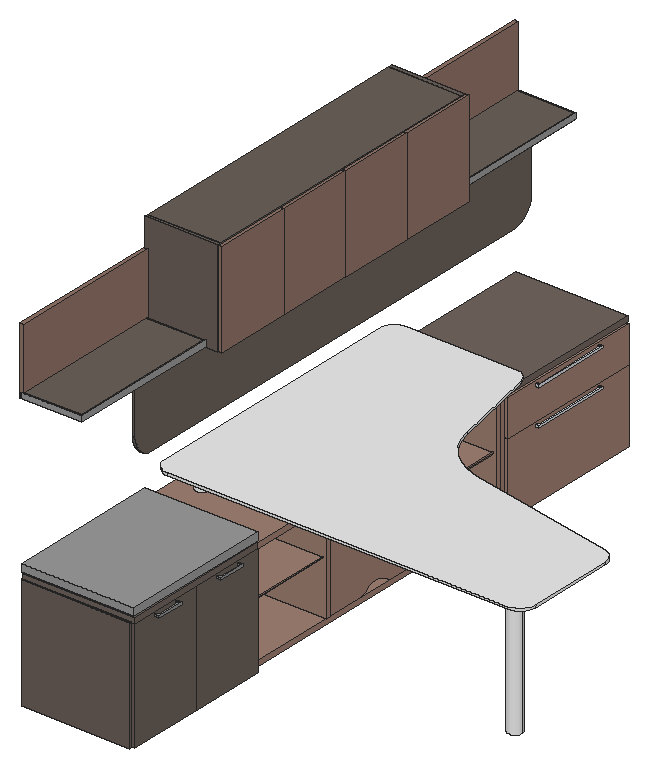
Revit family "T100103", category Furniture, Revit 2022 (continued)
Definition of nested family "OFS STAKS HEIGHT ADJUSTABLE SWEEP TOP DESK 74x60 Top 22D Cabinet"
  Definition of nested family "H4H"
    Automatic sketch dimensions
      Extrusion 2 sketch curve to plane 15 = 0"
      Extrusion 2 sketch curve to plane 14 = 0"
      Extrusion 2 sketch curve to plane 8 = 0"
      Extrusion 3 sketch curve to plane 9 = 0"
      Extrusion 3 sketch curve to plane 13 = 0"
      Extrusion 3 sketch curve to plane 14 = 0"
      Extrusion 3 sketch curve to plane 8 = 0"
      Extrusion 4 sketch curve to plane 13 = 0"
      Extrusion 4 sketch curve to plane 14 = 0"
      Extrusion 4 sketch curve to plane 11 = 0"
      plane 10 to Extrusion 4 sketch curve = 0"
      Extrusion 5 sketch curve to plane 11 = 0"
      Extrusion 5 sketch curve to plane 12 = 0"
      Extrusion 5 sketch curve to plane 15 = 0"
      Extrusion 5 sketch curve to plane 8 = 0"
      Revolve 6 sketch curve to plane 6 = 0"
      Revolve 6 sketch curve to level = 0"
      level to Revolve 6 sketch curve = 0.28743"
      Revolve 6 sketch curve to plane 13 = 1.02953"
      Revolve 6 sketch curve to Revolve 6 sketch curve = 1/2"  (x2)
      Revolve 6 sketch curve to Revolve 6 sketch curve = 0"  (x3)
      Revolve 6 sketch curve to plane 7 = 1/4"
      Revolve 6 sketch curve to level = 1/2"
      Revolve 7 sketch curve to plane 6 = 0"
      Revolve 7 sketch curve to level = 0"
      level to Revolve 7 sketch curve = 0.28743"
      plane 14 to Revolve 7 sketch curve = 1.02953"
      Revolve 7 sketch curve to Revolve 7 sketch curve = 1/2"  (x2)
      Revolve 7 sketch curve to Revolve 7 sketch curve = 0"  (x2)
      Revolve 7 sketch curve to level = 1/2"
      Revolve 7 sketch curve to Revolve 7 sketch curve = 0.14371"
      Revolve 7 sketch curve to plane 7 = 1/4"
      Extrusion 8 sketch curve to plane 13 = 0"
      Extrusion 8 sketch curve to plane 9 = 0"
      Extrusion 8 sketch curve to plane 10 = 0"
      plane 14 to Extrusion 8 sketch curve = 0"
Definition of nested family "OFS STAKS Rectangular Worksurface 22 Depth Long Grain"
  Parameters (values of type "Rectangular Worksurface 15.625" Width")
    URL = "https://ofs.com/"
    Height = 1"
    Depth = 22"
    Model = "6-MCT-15.625/22"
    Manufacturer = "OFS"
    Description = "OFS STAKS Rectangular Worksurface 15.625\" Width Long Grain"
    Width = 15 5/8"
    Default Elevation = 0"
    Copyright © = "© OFS 2022"
    Catalog = "https://ofs.com/products/workspaces/private-office/staks"
    Authoring Version = "Autodesk Revit Architecture 2015"
    Assembly Code = "E2020200"
  Types (26): name | Height | Depth | Model | Description | Width
    Rectangular Worksurface 15.625" Width | 1" | 22" | "6-MCT-15.625/22" | "OFS STAKS Rectangular Worksurface 15.625\" Width Long Grain" | 15 5/8"
    Rectangular Worksurface 48" Width | 0" | 22" | "6-MCT-48/22" | "OFS STAKS Rectangular Worksurface 48\" Width Long Grain" | 48"
    Rectangular Worksurface 66" Width | 0" | 22" | "6-MCT-66/22" | "OFS STAKS Rectangular Worksurface 66\" Width Long Grain" | 66"
    Rectangular Worksurface 54" Width | 0" | 22" | "6-MCT-54/22" | "OFS STAKS Rectangular Worksurface 54\" Width Long Grain" | 54"
    Rectangular Worksurface 70.5" Width | 0" | 22" | "6-MCT-70.5/22" | "OFS STAKS Rectangular Worksurface 70.5\" Width Long Grain" | 70 1/2"
    Rectangular Worksurface 48.5" Width | 0" | 16 1/2" | "6-MCT-48.5/22" | "OFS STAKS Rectangular Worksurface 48.5\" Width Long Grain" | 48 1/2"
    Rectangular Worksurface 69.625" Width | 0" | 22" | "6-MCT-69.625/22" | "OFS STAKS Rectangular Worksurface 69.625\" Width Long Grain" | 69 5/8"
    Rectangular Worksurface 24" Width | 0" | 22" | "6-MCT-24/22" | "OFS STAKS Rectangular Worksurface 24\" Width Long Grain" | 24"
    Rectangular Worksurface 30" Width | 0" | 22" | "6-MCT-30/22" | "OFS STAKS Rectangular Worksurface 30\" Width Long Grain" | 30"
    Rectangular Worksurface 34" Width | 0" | 22" | "6-MCT-34/22" | "OFS STAKS Rectangular Worksurface 34\" Width Long Grain" | 34"
    Rectangular Worksurface 55.5" Width | 0" | 22" | "6-MCT-55.5/22" | "OFS STAKS Rectangular Worksurface 55.5\" Width Long Grain" | 55 1/2"
    Rectangular Worksurface 72" Width | 0" | 22" | "6-MCT-72/22" | "OFS STAKS Rectangular Worksurface 72\" Width Long Grain" | 72"
    Rectangular Worksurface 82.5" Width | 0" | 22" | "6-MCT-82.5/22" | "OFS STAKS Rectangular Worksurface 82.5\" Width Long Grain" | 82 1/2"
    Rectangular Worksurface 36" Width | 0" | 22" | "6-MCT-36/22" | "OFS STAKS Rectangular Worksurface 36\" Width Long Grain" | 36"
    Rectangular Worksurface 59" Width | 0" | 22" | "6-MCT-59/22" | "OFS STAKS Rectangular Worksurface 59\" Width Long Grain" | 59"
    Rectangular Worksurface 74" Width | 0" | 22" | "6-MCT-74/22" | "OFS STAKS Rectangular Worksurface 74\" Width Long Grain" | 74"
    Rectangular Worksurface 84" Width | 0" | 22" | "6-MCT-84/22" | "OFS STAKS Rectangular Worksurface 84\" Width Long Grain" | 84"
    Rectangular Worksurface 42" Width | 0" | 22" | "6-MCT-42/22" | "OFS STAKS Rectangular Worksurface 42\" Width Long Grain" | 42"
    Rectangular Worksurface 60" Width | 0" | 22" | "6-MCT-60/22" | "OFS STAKS Rectangular Worksurface 60\" Width Long Grain" | 60"
    Rectangular Worksurface 78" Width | 0" | 22" | "6-MCT-78/22" | "OFS STAKS Rectangular Worksurface 78\" Width Long Grain" | 78"
    Rectangular Worksurface 87.625" Width | 0" | 22" | "6-MCT-87.625/22" | "OFS STAKS Rectangular Worksurface 87.625\" Width Long Grain" | 87 5/8"
    Rectangular Worksurface 90" Width | 0" | 22" | "6-MCT-90/22" | "OFS STAKS Rectangular Worksurface 90\" Width Long Grain" | 90"
    Rectangular Worksurface 94" Width | 0" | 22" | "6-MCT-94/22" | "OFS STAKS Rectangular Worksurface 94\" Width Long Grain" | 94"
    Rectangular Worksurface 96" Width | 0" | 22" | "6-MCT-96/22" | "OFS STAKS Rectangular Worksurface 96\" Width Long Grain" | 96"
    Rectangular Worksurface 64" Width | 0" | 22" | "6-MCT-64/22" | "OFS STAKS Rectangular Worksurface 66\" Width Long Grain" | 64"
    Rectangular Worksurface 46" Width | 0" | 22" | "6-MCT-46/22" | "OFS STAKS Rectangular Worksurface 48\" Width Long Grain" | 46"
  Reference planes (in)
    plane 1: z = -0.125
    plane 2 "LEFT": x = 7.55498
    plane 3 "RIGHT": x = 23.17998
    plane 4 "BACK": y = -1.83365
    plane 5 "FRONT": y = -23.83365
    plane 6: x = 7.67998
    plane 7: x = 23.05498
    plane 8: y = -1.95865
    plane 9: y = -23.70865
    plane 10: z = 27.875
    plane 11 "SURFACE TOP": z = 28.875
  Forms (in)
    Extrusion 1, solid
      sketch origin (0, 0, 17.125) x (-1, 0, 0) y (0, -1, 0)
        loop
          line (-7.67998, 1.95865) -> (-7.67998, 23.70865) -> (-23.05498, 23.70865) -> (-23.05498, 1.95865) -> (-7.67998, 1.95865)
      from 11.75 to 10.75
  Lines and regions (in)
    Masking region 1
      outline origin (0, 0, 16.625) x (-1, 0, 0) y (0, -1, 0)
        loop
          line (-7.67998, 1.95865) -> (-7.55498, 1.83365) -> (-7.55498, 23.83365) -> (-7.67998, 23.70865) -> (-7.67998, 1.95865)
    Masking region 2
      outline origin (0, 0, 16.625) x (-1, 0, 0) y (0, -1, 0)
        loop
          line (-7.55498, 1.83365) -> (-7.67998, 1.95865) -> (-23.05498, 1.95865) -> (-23.17998, 1.83365) -> (-7.55498, 1.83365)
    Masking region 3
      outline origin (0, 0, 16.625) x (-1, 0, 0) y (0, -1, 0)
        loop
          line (-23.17998, 1.83365) -> (-23.05498, 1.95865) -> (-23.05498, 23.70865) -> (-23.17998, 23.83365) -> (-23.17998, 1.83365)
    Masking region 4
      outline origin (0, 0, 16.625) x (-1, 0, 0) y (0, -1, 0)
        loop
          line (-23.17998, 23.83365) -> (-23.05498, 23.70865) -> (-7.67998, 23.70865) -> (-7.55498, 23.83365) -> (-23.17998, 23.83365)
    Masking region 5
      outline origin (0, 0, 16.625) x (-1, 0, 0) y (0, -1, 0)
        loop
          line (-23.05498, 23.70865) -> (-23.05498, 1.95865) -> (-7.67998, 1.95865) -> (-7.67998, 23.70865) -> (-23.05498, 23.70865)
  Dimensions and locks (in)
    "Depth": plane 4 "BACK" to plane 5 "FRONT"
    "Width": plane 2 "LEFT" to plane 3 "RIGHT"
    locked: plane 4 "BACK" to plane 8 at 0.125
    locked: plane 2 "LEFT" to plane 6 at 0.125
    locked: plane 7 to plane 3 "RIGHT" at 0.125
    locked: plane 9 to plane 5 "FRONT" at 0.125
    plane 11 "SURFACE TOP" to plane 10 = 1"  (x2)
    aligned: level to plane 1
    aligned and locked: plane 8 to Extrusion 1 sketch curve
    aligned and locked: Extrusion 1 sketch curve to plane 6
    aligned and locked: Extrusion 1 sketch curve to plane 9
    aligned and locked: plane 7 to Extrusion 1 sketch curve
    aligned and locked: plane 11 "SURFACE TOP" to Extrusion 1
    aligned and locked: Extrusion 1 to plane 10
  Automatic sketch dimensions
    Masking region 1 sketch curve to plane 6 = 0"
    Masking region 1 sketch curve to plane 2 "LEFT" = 0"
    Masking region 1 sketch curve to plane 4 "BACK" = 0"
    Masking region 1 sketch curve to plane 8 = 0"
    Masking region 1 sketch curve to plane 9 = 0"
    Masking region 1 sketch curve to plane 5 "FRONT" = 0"
    Masking region 2 sketch curve to plane 3 "RIGHT" = 0"
    Masking region 2 sketch curve to plane 7 = 0"
    Masking region 2 sketch curve to plane 6 = 0"
    Masking region 2 sketch curve to plane 2 "LEFT" = 0"
    Masking region 2 sketch curve to plane 4 "BACK" = 0"
    Masking region 2 sketch curve to plane 8 = 0"
    Masking region 3 sketch curve to plane 3 "RIGHT" = 0"
    Masking region 3 sketch curve to plane 7 = 0"
    Masking region 3 sketch curve to plane 4 "BACK" = 0"
    Masking region 3 sketch curve to plane 8 = 0"
    Masking region 3 sketch curve to plane 9 = 0"
    Masking region 3 sketch curve to plane 5 "FRONT" = 0"
    Masking region 4 sketch curve to plane 3 "RIGHT" = 0"
    Masking region 4 sketch curve to plane 7 = 0"
    Masking region 4 sketch curve to plane 6 = 0"
    Masking region 4 sketch curve to plane 2 "LEFT" = 0"
    Masking region 4 sketch curve to plane 9 = 0"
    Masking region 4 sketch curve to plane 5 "FRONT" = 0"
    Masking region 5 sketch curve to plane 7 = 0"
    Masking region 5 sketch curve to plane 6 = 0"
    Masking region 5 sketch curve to plane 8 = 0"
    Masking region 5 sketch curve to plane 9 = 0"
Definition of nested family "STAKS LOW HEIGHT DOOR CABINET - NO RISER SUPPORT"
  Parameters (values of type "STAKS LOW HEIGHT DOOR CABINET - NO RISER SUPPORT 30 x 22")
    URL = "http://www.ofs.com/"
    Riser Support = 0"
    Model = "6-NL3022MPD4"
    Manufacturer = "OFS"
    Height = 21 7/8"
    Drawer Material = none
    Drawer Handle Width = 5 7/16"
    Drawer Handle Material = none
    Description = "OFS BRANDS FIRST OFFICE STAKS LOW HEIGHT DOOR CABINET - NO RISER SUPPORT 30\" W x 22\" D, One Adjustable Shelf & One Stationary Shelf, Use with 22\"D Worksurfaces"
    Width = 30"
    Depth = 21 7/8"
    Default Elevation = 0"
    DH2 = 6 1/2"
    DH1 = 14 3/8"
    Copyright © = "© 2018 OFS"
    Chasis Material = none
    Catalog = "https://ofs.com/products/casegoods/private-office/staks"
    Board Thickness = 3/4"
    Authoring Version = "Autodesk Revit Architecture 2013"
    Assembly Code = "E2020200"
  Types (6): name | Model | Description | Width | Depth
    STAKS LOW HEIGHT DOOR CABINET - NO RISER SUPPORT 24 x 19 | "6-NL2419MPD4" | "OFS BRANDS FIRST OFFICE STAKS LOW HEIGHT DOOR CABINET - NO RISER SUPPORT 24\" W x 19\" D, One Adjustable Shelf & One Stationary Shelf, Use with 22\"D Worksurfaces" | 24" | 19 3/8"
    STAKS LOW HEIGHT DOOR CABINET - NO RISER SUPPORT 24 x 22 | "6-NL2422MPD4" | "OFS BRANDS FIRST OFFICE STAKS LOW HEIGHT DOOR CABINET - NO RISER SUPPORT 24\" W x 22\" D, One Adjustable Shelf & One Stationary Shelf, Use with 22\"D Worksurfaces" | 24" | 21 7/8"
    STAKS LOW HEIGHT DOOR CABINET - NO RISER SUPPORT 30 x 22 | "6-NL3022MPD4" | "OFS BRANDS FIRST OFFICE STAKS LOW HEIGHT DOOR CABINET - NO RISER SUPPORT 30\" W x 22\" D, One Adjustable Shelf & One Stationary Shelf, Use with 22\"D Worksurfaces" | 30" | 21 7/8"
    STAKS LOW HEIGHT DOOR CABINET - NO RISER SUPPORT 30 x 19 | "6-NL3019MPD4" | "OFS BRANDS FIRST OFFICE STAKS LOW HEIGHT DOOR CABINET - NO RISER SUPPORT 30\" W x 19\" D, One Adjustable Shelf & One Stationary Shelf, Use with 22\"D Worksurfaces" | 30" | 19 3/8"
    STAKS LOW HEIGHT DOOR CABINET - NO RISER SUPPORT 36 x 19 | "6-NL3619MPD4" | "OFS BRANDS FIRST OFFICE STAKS LOW HEIGHT DOOR CABINET - NO RISER SUPPORT 36\" W x 19\" D, One Adjustable Shelf & One Stationary Shelf, Use with 22\"D Worksurfaces" | 36" | 19 3/8"
    STAKS LOW HEIGHT DOOR CABINET - NO RISER SUPPORT 36 x 22 | "6-NL3622MPD4" | "OFS BRANDS FIRST OFFICE STAKS LOW HEIGHT DOOR CABINET - NO RISER SUPPORT 36\" W x 22\" D, One Adjustable Shelf & One Stationary Shelf, Use with 22\"D Worksurfaces" | 36" | 21 7/8"
  Reference planes (in)
    plane 1: z = 0
    plane 2 "Right": x = 20.97711
    plane 3: z = 21.875
    plane 4: z = 14.375
    plane 5: z = 14.25
    plane 6: z = 0
    plane 7: z = 14
    plane 8: z = 21.625
    plane 9: z = 13.531
    plane 10: z = 21.15625
    plane 11: x = 5.97711
    plane 12: y = -1.12465
    plane 13: y = -1.87465
    plane 14: x = 6.03961
    plane 15: x = 35.91411
    plane 16: x = 6.72711
    plane 17: y = 20.00035
    plane 18: x = 35.97711
    plane 19: x = 35.22711
    plane 20: y = -2.68715
    plane 21: y = -2.87465
    plane 22: z = 20.875
    plane 23: z = 20.75
    plane 24: z = 20.5
    plane 25: z = 20.031
    plane 26: z = 0.25
    plane 27: y = 19.25035
    plane 28: z = 0.75
    plane 29: y = 16.75035
    plane 30: y = 1.87535
    plane 31: y = 5.87535
    plane 32: y = 12.75035
    plane 33: y = 2.50035
    plane 34: y = 13.37535
    plane 35: z = 22
    plane 36: x = 21.35211
    plane 37: x = 20.60211
    plane 38: x = 21.04011
    plane 39: x = 20.91461
    plane 40: x = 13.47711
    plane 41: x = 16.19586
    plane 42: x = 10.75836
    plane 43: x = 11.13336
    plane 44: x = 15.82086
    plane 45: x = 28.47711
    plane 46: x = 25.75836
    plane 47: x = 31.19586
    plane 48: x = 30.82086
    plane 49: x = 26.13336
  Forms (in)
    Extrusion 1, solid, material <- "Chasis Material"
      sketch origin (-3, -1.24965, 0) x (1, 0, 0) y (0, 0, 1)
        loop
          line (8.97711, 0) -> (9.72711, 0) -> (9.72711, 21.875) -> (8.97711, 21.875) -> (8.97711, 0)
      from -21.25 to -0.125
    Extrusion 2, solid, material <- "Chasis Material"
      sketch origin (19.35211, 31.02324, 0) x (0, 1, 0) y (0, 0, 1)
        loop
          line (-11.77289, 0) -> (-11.02289, 0) -> (-11.02289, 21.875) -> (-11.77289, 21.875) -> (-11.77289, 0)
      from -12.625 to 15.875
    Extrusion 3, solid, material <- "Chasis Material"
      sketch origin (0, 0, 0) x (1, 0, 0) y (0, 1, 0)
        loop
          line (35.97711, 20.00035) -> (35.22711, 20.00035) -> (35.22711, -1.12465) -> (35.97711, -1.12465) -> (35.97711, 20.00035)
      from 0 to 21.875
    Extrusion 4, solid, material <- "Drawer Material"
      sketch origin (20.35211, 2.25, 0.06985) x (0, 1, 0) y (0, 0, 1)
        loop
          line (-4.12465, 21.80515) -> (-4.12465, 0.18015) -> (-3.37465, 0.18015) -> (-3.37465, 21.80515) -> (-4.12465, 21.80515)
      from -14.3125 to 0.5625
    Extrusion 5, solid, material <- "Drawer Handle Material"
      sketch origin (9, 0, 28.42137) x (1, 0, 0) y (0, 1, 0)
        loop
          line (1.75836, -1.87465) -> (1.75836, -2.87465) -> (7.19586, -2.87465) -> (7.19586, -1.87465) -> (6.82086, -1.87465) -> (6.82086, -2.68715) -> (2.13336, -2.68715) -> (2.13336, -1.87465) -> (1.75836, -1.87465)
      from -7.26512 to -6.79637
    Extrusion 6, solid, material <- "Chasis Material"
      sketch origin (-29.79592, -7.12465, 7.24693) x (1, 0, 0) y (0, 0, 1)
        loop
          line (36.52304, 13.90932) -> (65.02304, 13.90932) -> (65.02304, 14.62807) -> (36.52304, 14.62807) -> (36.52304, 13.90932)
      from -26.375 to -6
    Extrusion 7, solid, material <- "Chasis Material"
      sketch origin (-31.5409, -1.62465, -42.72261) x (1, 0, 0) y (0, 0, 1)
        loop
          line (38.26801, 42.72261) -> (66.76801, 42.72261) -> (66.76801, 43.47261) -> (38.26801, 43.47261) -> (38.26801, 42.72261)
      from -20.875 to -0.5
    Extrusion 8, solid
      sketch origin (0, 0, 0) x (1, 0, 0) y (0, 1, 0)
        loop
          line (35.91411, 20.00035) -> (35.22711, 20.00035) -> (35.22711, -1.12465) -> (35.91411, -1.12465) -> (35.91411, 20.00035)
        loop
          line (6.03961, 20.00035) -> (6.03961, -1.12465) -> (6.72711, -1.12465) -> (6.72711, 20.00035) -> (6.03961, 20.00035)
      from 21.875 to 22
    Extrusion 9, solid, material <- "Drawer Material"
      sketch origin (21.60211, 2.25, 0.06985) x (0, 1, 0) y (0, 0, -1)
        loop
          line (-4.12465, -21.80515) -> (-3.37465, -21.80515) -> (-3.37465, -0.18015) -> (-4.12465, -0.18015) -> (-4.12465, -21.80515)
      from -14.312 to 0.562
    Extrusion 10, solid, material <- "Drawer Handle Material"
      sketch origin (32.95422, 0, 28.42137) x (-1, 0, 0) y (0, -1, 0)
        loop
          line (1.75836, 1.87465) -> (2.13336, 1.87465) -> (2.13336, 2.68715) -> (6.82086, 2.68715) -> (6.82086, 1.87465) -> (7.19586, 1.87465) -> (7.19586, 2.87465) -> (1.75836, 2.87465) -> (1.75836, 1.87465)
      from -7.26512 to -6.79637
  Dimensions and locks (in)
    "Board Thickness": plane 13 to plane 12
    locked: plane 11 to plane 14 at 0.0625
    "Board Thickness": plane 11 to plane 16
    locked: plane 15 to plane 18 at 0.063
    "Width": plane 11 to plane 18
    Extrusion 3 sketch curve to plane 18 = 3/4"
    "Board Thickness": plane 19 to plane 18
    equal spacing: plane 11, plane 2 "Right", plane 18
    plane 21 to plane 20 to plane 13 = 3/16" locked, 13/16" locked
    "Riser Support": plane 6 to level
    "Height": plane 3 to plane 6
    "DH1": plane 4 to plane 6
    "DH2": plane 22 to plane 4
    locked: plane 26 to plane 6 at 0.25
    "Board Thickness": plane 27 to plane 17
    "Depth": plane 13 to plane 17
    plane 4 to plane 5 to plane 7 to plane 9 = 1/8" locked, 1/4" locked, 0.469" locked
    plane 22 to plane 23 to plane 24 to plane 25 = 1/8" locked, 1/4" locked, 0.469" locked
    plane 3 to plane 8 to plane 10 = 1/4" locked, 15/32" locked
    "Board Thickness": plane 28 to plane 6
    plane 12 to plane 30 to plane 31 = 3" locked, 4" locked
    plane 32 to plane 29 to plane 27 = 4" locked, 2 1/2" locked
    locked: plane 30 to plane 33 at 0.625
    locked: plane 32 to plane 34 at 0.625
    locked: plane 35 to plane 3 at 0.125
    equal spacing: plane 37, plane 2 "Right", plane 36
    "Board Thickness": plane 37 to plane 36
    plane 38 to plane 2 "Right" to plane 39 = 0.063", 1/16" locked
    equal spacing: plane 14, plane 40, plane 39
    "Drawer Handle Width": plane 42 to plane 41
    locked: plane 42 to plane 43 at 0.375
    locked: plane 44 to plane 41 at 0.375
    equal spacing: plane 15, plane 45, plane 38
    "Drawer Handle Width": plane 47 to plane 46
    locked: plane 47 to plane 48 at 0.375
    locked: plane 49 to plane 46 at 0.375
    equal spacing: plane 42, plane 40, plane 41
    equal spacing: plane 46, plane 45, plane 47
    aligned and locked: level to plane 1
    aligned and locked: plane 12 to Extrusion 1
    aligned and locked: Extrusion 1 to plane 17
    aligned and locked: Extrusion 2 to plane 16
    aligned and locked: plane 16 to Extrusion 1
    aligned and locked: Extrusion 1 to plane 11
    aligned and locked: Extrusion 2 to plane 17
    aligned and locked: plane 19 to Extrusion 2
    aligned and locked: plane 3 to Extrusion 1
    aligned and locked: plane 3 to Extrusion 2
    aligned and locked: plane 3 to Extrusion 4
    aligned and locked: Extrusion 5 to plane 10
    aligned and locked: plane 8 to Extrusion 5
    aligned and locked: Extrusion 3 to plane 19
    aligned and locked: Extrusion 4 to plane 14
    aligned and locked: plane 3 to Extrusion 3
    aligned and locked: Extrusion 3 to plane 6
    aligned and locked: plane 3 to Extrusion 6
    aligned and locked: Extrusion 6 to plane 10
    aligned and locked: plane 28 to Extrusion 7
    aligned and locked: Extrusion 7 to plane 6
    aligned and locked: Extrusion 7 to plane 27
    aligned and locked: plane 12 to Extrusion 7
    aligned and locked: plane 19 to Extrusion 7
    aligned and locked: Extrusion 7 to plane 16
    aligned and locked: Extrusion 8 to plane 3
    aligned and locked: plane 35 to Extrusion 8
    aligned and locked: Extrusion 4 to plane 26
    aligned and locked: Extrusion 4 to plane 39
    aligned and locked: plane 15 to Extrusion 9
    aligned and locked: Extrusion 9 to plane 26
    aligned and locked: Extrusion 9 to plane 38
    aligned and locked: plane 3 to Extrusion 9
    aligned and locked: Extrusion 5 to plane 42
    aligned and locked: plane 43 to Extrusion 5
    aligned and locked: plane 44 to Extrusion 5
    aligned and locked: Extrusion 5 to plane 41
    aligned and locked: Extrusion 10 to plane 46
    aligned and locked: plane 49 to Extrusion 10
    aligned and locked: plane 48 to Extrusion 10
    aligned and locked: Extrusion 10 to plane 47
    aligned and locked: Extrusion 10 to plane 20
    aligned and locked: plane 21 to Extrusion 10
    aligned and locked: plane 8 to Extrusion 10
    aligned and locked: Extrusion 10 to plane 10
    aligned and locked: Extrusion 2 to plane 6
    aligned and locked: Extrusion 1 to plane 6
    aligned and locked: Extrusion 8 sketch curve to plane 12  (x2)
    aligned and locked: plane 12 to Extrusion 6
    aligned and locked: Extrusion 6 to plane 27
  Automatic sketch dimensions
    level to Extrusion 1 sketch curve = 0"
    Extrusion 1 sketch curve to plane 11 = 0"
    Extrusion 1 sketch curve to plane 3 = 0"
    Extrusion 1 sketch curve to plane 16 = 0"
    level to Extrusion 2 sketch curve = 0"
    Extrusion 2 sketch curve to plane 3 = 0"
    Extrusion 2 sketch curve to plane 17 = 0"
    plane 27 to Extrusion 2 sketch curve = 0"
    plane 12 to Extrusion 3 sketch curve = 0"
    Extrusion 3 sketch curve to plane 18 = 0"
    plane 17 to Extrusion 3 sketch curve = 0"
    Extrusion 4 sketch curve to plane 3 = 0"
    Extrusion 4 sketch curve to plane 13 = 0"
    Extrusion 4 sketch curve to plane 12 = 0"
    Extrusion 4 sketch curve to plane 26 = 0"
    plane 13 to Extrusion 5 sketch curve = 0"  (x2)
    Extrusion 5 sketch curve to plane 42 = 0"
    Extrusion 5 sketch curve to plane 43 = 0"
    plane 20 to Extrusion 5 sketch curve = 0"
    Extrusion 5 sketch curve to plane 44 = 0"
    Extrusion 5 sketch curve to plane 41 = 0"
    plane 21 to Extrusion 5 sketch curve = 0"
    Extrusion 6 sketch curve to plane 10 = 0"
    Extrusion 6 sketch curve to plane 16 = 0"
    Extrusion 6 sketch curve to plane 3 = 0"
    Extrusion 6 sketch curve to plane 19 = 0"
    level to Extrusion 7 sketch curve = 0"
    Extrusion 7 sketch curve to plane 16 = 0"
    Extrusion 7 sketch curve to plane 19 = 0"
    Extrusion 7 sketch curve to plane 28 = 0"
    Extrusion 8 sketch curve to plane 14 = 0"
    Extrusion 8 sketch curve to plane 16 = 0"
    plane 17 to Extrusion 8 sketch curve = 0"  (x2)
    Extrusion 8 sketch curve to plane 15 = 0"
    Extrusion 9 sketch curve to plane 3 = 0"
    Extrusion 9 sketch curve to plane 13 = 0"
    Extrusion 9 sketch curve to plane 12 = 0"
    Extrusion 9 sketch curve to plane 26 = 0"
    plane 13 to Extrusion 10 sketch curve = 0"  (x2)
    Extrusion 10 sketch curve to plane 47 = 0"
    Extrusion 10 sketch curve to plane 48 = 0"
    plane 20 to Extrusion 10 sketch curve = 0"
    Extrusion 10 sketch curve to plane 49 = 0"
    Extrusion 10 sketch curve to plane 46 = 0"
    plane 21 to Extrusion 10 sketch curve = 0"
    Extrusion 8 sketch curve to plane 19 = 0"
Definition of nested family "OFS STAKS File Pedestal No Riser Support 30 Width"
  Parameters (values of type "Low Height Tray/File Pedestal No Riser Support 21.125" Depth")
    URL = "https://ofs.com/"
    Height = 21 7/8"
    Finish Material = none
    Depth = 21 1/8"
    Model = "6-NL3022MPD8"
    Manufacturer = "OFS"
    Description = "OFS STAKS Low Height Tray/File Pedestal No Riser Support 21.125\" Depth 30 Width"
    Width = 30"
    Default Elevation = 0"
    Copyright © = "© OFS 2022"
    Catalog = "https://ofs.com/products/workspaces/private-office/staks"
    Authoring Version = "Autodesk Revit Architecture 2015"
    Assembly Code = "E2020200"
  Types (3): name | Height | Depth | Model | Description
    Low Height Tray/File Pedestal No Riser Support 16.375" Depth | 21.55503" | 16 3/8" | "6-NL2417MPD8" | "OFS STAKS Low Height Tray/File Pedestal No Riser Support 16.375\" Depth 30 Width"
    Low Height Tray/File Pedestal No Riser Support 19.375" Depth | 21 7/8" | 19 3/8" | "6-NL3019MPD8" | "OFS STAKS Low Height Tray/File Pedestal No Riser Support 19.375\" Depth 30 Width"
    Low Height Tray/File Pedestal No Riser Support 21.125" Depth | 21 7/8" | 21 1/8" | "6-NL3022MPD8" | "OFS STAKS Low Height Tray/File Pedestal No Riser Support 21.125\" Depth 30 Width"
  Reference planes (in)
    plane 1: z = -0.125
    plane 2 "LEFT": x = 5.30673
    plane 3 "BACK": y = -1.83365
    plane 4 "FRONT": y = -22.95865
    plane 5: z = 21.75
    plane 6: x = 4.55673
    plane 7: y = -2.58365
    plane 8: y = -22.20865
    plane 9: y = -23.70865
    plane 10: x = 33.80673
    plane 11: z = 14.39873
    plane 12: z = 14.30498
    plane 13: z = 0.375
    plane 14: x = 19.55673
    plane 15: x = 34.55673
    plane 16: x = 11.80498
    plane 17: z = 14.05498
    plane 18: y = -10.52115
    plane 19: x = 27.30848
  Forms (in)
    Extrusion 1, solid, material <- "Finish Material"
      sketch origin (0, 0, 28.875) x (0, 1, 0) y (-1, 0, 0)
        loop
          line (-1.83365, -5.30673) -> (-1.83365, -4.55673) -> (-22.20865, -4.55673) -> (-22.20865, -5.30673) -> (-1.83365, -5.30673)
      from -7.125 to -28.5
    Extrusion 2, solid, material <- "Finish Material"
      sketch origin (39.10996, 0, 28.875) x (0, 1, 0) y (-1, 0, 0)
        loop
          line (-1.83365, 4.55323) -> (-1.83365, 5.30323) -> (-22.20865, 5.30323) -> (-22.20865, 4.55323) -> (-1.83365, 4.55323)
      from -7.44497 to -29
    Extrusion 3, solid, material <- "Finish Material"
      sketch origin (25.88863, -9.15367, 28.875) x (1, 0, 0) y (0, 1, 0)
        loop
          line (8.6681, -13.80498) -> (8.6681, -13.05498) -> (-20.5819, -13.05498) -> (-20.5819, -13.80498) -> (8.6681, -13.80498)
      from -7.125 to -14.47627
    Extrusion 4, solid
      sketch origin (0, 0, 21.0313) x (0, 1, 0) y (-1, 0, 0)
        loop
          line (-23.70865, -11.80498) -> (-23.70865, -27.30848) -> (-22.95865, -27.30848) -> (-22.95865, -26.92998) -> (-23.52115, -26.92998) -> (-23.52115, -12.17998) -> (-22.95865, -12.17998) -> (-22.95865, -11.80498) -> (-23.70865, -11.80498)
      from 0.14878 to -0.31997
    Extrusion 5, solid
      sketch origin (0, 0, 14.05498) x (0, 1, 0) y (-1, 0, 0)
        loop
          line (-23.70865, -11.80498) -> (-23.70865, -27.30848) -> (-22.95865, -27.30848) -> (-22.95865, -26.92998) -> (-23.52115, -26.92998) -> (-23.52115, -12.17998) -> (-22.95865, -12.17998) -> (-22.95865, -11.80498) -> (-23.70865, -11.80498)
      from 0 to -0.46875
    Extrusion 6, solid, material <- "Finish Material"
      sketch origin (25.88863, -9.15367, 21.75508) x (1, 0, 0) y (0, 1, 0)
        loop
          line (8.6681, -13.80498) -> (8.6681, -13.05498) -> (-20.5819, -13.05498) -> (-20.5819, -13.80498) -> (8.6681, -13.80498)
      from -7.4501 to -21.70005
    Extrusion 7, solid
      sketch origin (0, 0, 28.875) x (0, 1, 0) y (-1, 0, 0)
        loop
          line (-2.58365, -4.55673) -> (-6.58365, -4.55673) -> (-6.58365, -33.80673) -> (-2.58365, -33.80673) -> (-2.58365, -4.55673)
      from -27.75 to -28.5
    Extrusion 8, solid, material <- "Finish Material"
      sketch origin (0, 0, 7.93003) x (0, 1, 0) y (-1, 0, 0)
        loop
          line (-2.58365, -4.55673) -> (-22.20865, -4.55673) -> (-22.20865, -33.80673) -> (-2.58365, -33.80673) -> (-2.58365, -4.55673)
      from 13.10127 to 13.5
    Extrusion 9, solid
      sketch origin (0, -21.13606, 28.875) x (0, -1, 0) y (1, 0, 0)
        loop
          line (1.0726, 4.55673) -> (1.0726, 33.80673) -> (-2.9274, 33.80673) -> (-2.9274, 4.55673) -> (1.0726, 4.55673)
      from -27.75 to -28.5
  Dimensions and locks (in)
    "Height": plane 5 to level
    "Depth": plane 3 "BACK" to plane 4 "FRONT"
    plane 3 "BACK" to plane 18 to plane 4 "FRONT" = 8 11/16", 12 7/16"
    locked: plane 3 "BACK" to plane 7 at 0.75
    locked: plane 4 "FRONT" to plane 8 at 0.75
    locked: plane 10 to plane 15 at 0.75
    plane 16 to plane 14 = 7.75175"
    plane 4 "FRONT" to plane 9 = 3/4"
    locked: plane 5 to Extrusion 8 at 0.7187
    locked: plane 6 to plane 2 "LEFT" at 0.75
    locked: plane 7 to Extrusion 7 at 4
    locked: plane 8 to Extrusion 9 at 4
    equal spacing: plane 6, plane 14, plane 15
    "Width": plane 6 to plane 15
    aligned: level to plane 1
    aligned and locked: plane 16 to Extrusion 4  (x2)
    aligned and locked: plane 16 to Extrusion 5
    aligned and locked: plane 5 to Extrusion 1
    aligned and locked: Extrusion 1 to plane 5
    aligned and locked: plane 3 "BACK" to Extrusion 1
    aligned and locked: Extrusion 3 to Extrusion 1
    aligned and locked: Extrusion 2 to Extrusion 3
    aligned and locked: Extrusion 1 to Extrusion 3
    aligned and locked: Extrusion 2 to Extrusion 6
    aligned and locked: Extrusion 6 to Extrusion 1
    aligned and locked: plane 17 to Extrusion 5
    aligned and locked: plane 12 to Extrusion 6
    aligned and locked: Extrusion 3 to plane 11
    aligned and locked: plane 4 "FRONT" to Extrusion 3
    aligned and locked: Extrusion 1 to plane 2 "LEFT"
    aligned and locked: Extrusion 1 to plane 6
    aligned and locked: Extrusion 2 to plane 10
    aligned and locked: plane 4 "FRONT" to Extrusion 5  (x2)
    aligned and locked: plane 9 to Extrusion 5
    aligned and locked: plane 4 "FRONT" to Extrusion 4  (x2)
    aligned and locked: plane 9 to Extrusion 4  (x2)
    aligned and locked: plane 8 to Extrusion 1
    aligned and locked: plane 8 to Extrusion 2
    aligned and locked: Extrusion 7 sketch curve to plane 6
    aligned and locked: Extrusion 7 sketch curve to plane 10
    aligned and locked: Extrusion 7 to plane 13
    aligned and locked: Extrusion 7 to Extrusion 2
    aligned and locked: plane 6 to Extrusion 7
    aligned and locked: Extrusion 2 to plane 15
    aligned and locked: plane 5 to Extrusion 3
    aligned and locked: plane 19 to Extrusion 4
    aligned and locked: plane 6 to Extrusion 8  (x4)
    aligned and locked: plane 2 "LEFT" to Extrusion 1  (x2)
    aligned and locked: plane 6 to Extrusion 1
    aligned and locked: Extrusion 9 to Extrusion 1
  Automatic sketch dimensions
    Extrusion 1 sketch curve to plane 2 "LEFT" = 0"
    plane 8 to Extrusion 1 sketch curve = 0"
    Extrusion 1 sketch curve to plane 3 "BACK" = 0"
    Extrusion 1 sketch curve to plane 6 = 0"
    plane 8 to Extrusion 2 sketch curve = 0"
    Extrusion 2 sketch curve to plane 3 "BACK" = 0"
    Extrusion 2 sketch curve to plane 10 = 0"
    Extrusion 2 sketch curve to plane 15 = 0"
    Extrusion 3 sketch curve to plane 2 "LEFT" = 0"
    Extrusion 3 sketch curve to plane 4 "FRONT" = 0"
    Extrusion 3 sketch curve to plane 15 = 0"
    plane 8 to Extrusion 3 sketch curve = 0"
    plane 9 to Extrusion 4 sketch curve = 0"
    Extrusion 4 sketch curve to plane 4 "FRONT" = 0"  (x2)
    Extrusion 4 sketch curve to plane 19 = 0"
    Extrusion 4 sketch curve to plane 16 = 0"
    Extrusion 4 sketch curve to plane 9 = 3/16"
    Extrusion 4 sketch curve to plane 19 = 0.3785"
    Extrusion 4 sketch curve to plane 16 = 3/8"
    plane 9 to Extrusion 5 sketch curve = 0"
    Extrusion 5 sketch curve to plane 4 "FRONT" = 0"  (x2)
    Extrusion 5 sketch curve to plane 19 = 0"
    Extrusion 5 sketch curve to plane 16 = 0"
    Extrusion 5 sketch curve to plane 9 = 3/16"
    Extrusion 5 sketch curve to plane 19 = 0.3785"
    Extrusion 5 sketch curve to plane 16 = 3/8"
    Extrusion 6 sketch curve to plane 2 "LEFT" = 0"
    Extrusion 6 sketch curve to plane 4 "FRONT" = 0"
    Extrusion 6 sketch curve to plane 15 = 0"
    plane 8 to Extrusion 6 sketch curve = 0"
    Extrusion 7 sketch curve to plane 7 = 0"
    Extrusion 7 sketch curve to plane 18 = 3 15/16"
    Extrusion 8 sketch curve to plane 6 = 0"
    plane 8 to Extrusion 8 sketch curve = 0"
    Extrusion 8 sketch curve to plane 7 = 0"
    Extrusion 8 sketch curve to plane 10 = 0"
    Extrusion 9 sketch curve to plane 6 = 0"
    Extrusion 9 sketch curve to plane 10 = 0"
    plane 8 to Extrusion 9 sketch curve = 0"
    plane 18 to Extrusion 9 sketch curve = 7 11/16"
Definition of nested family "STAKS WALLMOUNT ORGANIZER WITH DOORS Four Doors"
  Parameters (values of type "STAKS WALLMOUNT ORGANIZER WITH DOORS Four Doors 60in W")
    URL = "http://www.ofs.com/"
    Top Board Thickness = 1 1/16"
    Height Above Floor [instance] = 71 1/2"
    Height = 18 1/2"
    Front Doors Material = none
    Default Elevation = 0"
    Back Material = none
    Depth = 15"
    Model = "6-6019HDW4"
    Manufacturer = "OFS"
    Description = "OFS STAKS WALLMOUNT ORGANIZER WITH DOORS Four Hinged Doors 60\" Width, for use with 60\"W Credenzas"
    Width = 60"
    Copyright © = "© 2018 OFS"
    Catalog = "https://ofs.com/products/casegoods/private-office/staks"
    Board Material = none
    Board Thickness = 3/4"
    Authoring Version = "Autodesk Revit Architecture 2013"
    Assembly Code = "E2020200"
    2D Symbol Lines [instance] = yes
  Types (6): name | Model | Description | Width
    STAKS WALLMOUNT ORGANIZER WITH DOORS Four Doors 54in W | "6-5419HDW4" | "OFS STAKS WALLMOUNT ORGANIZER WITH DOORS Four Hinged Doors 54\" Width, for use with 54\"W Modular Units" | 54"
    STAKS WALLMOUNT ORGANIZER WITH DOORS Four Doors 60in W | "6-6019HDW4" | "OFS STAKS WALLMOUNT ORGANIZER WITH DOORS Four Hinged Doors 60\" Width, for use with 60\"W Credenzas" | 60"
    STAKS WALLMOUNT ORGANIZER WITH DOORS Four Doors 66in W | "6-6619HDW4" | "OFS STAKS WALLMOUNT ORGANIZER WITH DOORS Four Hinged Doors 66\" Width, for use with 66\"W Credenzas" | 66"
    STAKS WALLMOUNT ORGANIZER WITH DOORS Four Doors 72in W | "6-7219HDW4" | "OFS STAKS WALLMOUNT ORGANIZER WITH DOORS Four Hinged Doors 72\" Width, for use with 72\"W Credenzas or 30\"W Desk and 42\"W Return" | 72"
    STAKS WALLMOUNT ORGANIZER WITH DOORS Four Doors 78in W | "6-7819HDW4" | "OFS STAKS WALLMOUNT ORGANIZER WITH DOORS Four Hinged Doors 78\" Width, for use with L Units Comprised of 36\"W Desk and 42\"W Return or 30\"W Desk and 48\"W Return" | 78"
    STAKS WALLMOUNT ORGANIZER WITH DOORS Four Doors 84in W | "6-8419HDW4" | "OFS STAKS WALLMOUNT ORGANIZER WITH DOORS Four Hinged Doors 84\" Width, for use with L Units Comprised of 36\"W Desk and 48\"W Return" | 84"
  Reference planes (in)
    plane 1: z = -0.125
    plane 2 "LEFT": x = -2.94502
    plane 3 "RIGHT": x = 57.05498
    plane 4 "BACK": y = -1.83365
    plane 5 "FRONT": y = -15.33365
    plane 6: x = -2.19502
    plane 7: x = 56.30498
    plane 8: z = 52.875
    plane 9 "SURFACE TOP": z = 71.375
    plane 10: x = 27.05498
    plane 11: z = 70.3125
    plane 12: y = -8.58365
    plane 13: y = -8.20865
    plane 14: y = -8.95865
    plane 15: x = 27.42998
    plane 16: x = 26.67998
    plane 17: y = -1.08365
    plane 18: y = -16.08365
    plane 19: x = 56.99248
    plane 20: x = -2.88252
    plane 21: x = 27.08623
    plane 22: x = 27.02373
    plane 23: z = 54.125
    plane 24: z = 54.875
    plane 25: y = -1.58365
    plane 26: y = -2.33365
    plane 27: y = -13.83365
    plane 28: y = -14.58365
    plane 29: x = 42.05498
    plane 30: x = 40.92998
    plane 31: x = 43.17998
    plane 32: x = 42.08623
    plane 33: x = 42.02373
    plane 34: x = 12.05498
    plane 35: x = 13.17998
    plane 36: x = 10.92998
    plane 37: x = 12.02373
    plane 38: x = 12.08623
  Forms (in)
    Extrusion 1, solid, material <- "Board Material"
      sketch origin (0, 0, 71.375) x (0, 1, 0) y (-1, 0, 0)
        loop
          line (-2.33365, 2.19502) -> (-15.33365, 2.19502) -> (-15.33365, -56.30498) -> (-2.33365, -56.30498) -> (-2.33365, 2.19502)
      from -16.5 to -17.25
    Extrusion 2, solid, material <- "Board Material"
      sketch origin (0, 0, 71.375) x (0, 1, 0) y (-1, 0, 0)
        loop
          line (-1.08365, 2.19502) -> (-1.08365, 2.94502) -> (-15.33365, 2.94502) -> (-15.33365, 2.19502) -> (-1.08365, 2.19502)
        loop
          line (-1.08365, -57.05498) -> (-1.08365, -56.30498) -> (-15.33365, -56.30498) -> (-15.33365, -57.05498) -> (-1.08365, -57.05498)
      from 0 to -18.5
    Extrusion 3, solid, material <- "Board Material"
      sketch origin (0, 0, 27.375) x (0, 1, 0) y (-1, 0, 0)
        loop
          line (-1.08365, 2.19502) -> (-15.33365, 2.19502) -> (-15.33365, -56.30498) -> (-1.08365, -56.30498) -> (-1.08365, 2.19502)
      from 44 to 42.9375
    Extrusion 4, solid, material <- "Back Material"
      sketch origin (30.99601, 21.63396, 71.375) x (0, 1, 0) y (-1, 0, 0)
        loop
          line (-23.21762, 33.19103) -> (-23.96762, 33.19103) -> (-23.96762, -25.30897) -> (-23.21762, -25.30897) -> (-23.21762, 33.19103)
      from -1.0625 to -18.5
    Extrusion 5, solid, material <- "Front Doors Material"
      sketch origin (15.4691, -10.89295, 71.375) x (0, 1, 0) y (-1, 0, 0)
        loop
          line (-4.4407, -11.61714) -> (-5.1907, -11.61714) -> (-5.1907, -26.55464) -> (-4.4407, -26.55464) -> (-4.4407, -11.61714)
      from 0 to -18.5
    Extrusion 6, solid, material <- "Front Doors Material"
      sketch origin (38.64087, -10.89295, 71.375) x (0, 1, 0) y (-1, 0, 0)
        loop
          line (-4.4407, 26.61714) -> (-4.4407, 41.52339) -> (-5.1907, 41.52339) -> (-5.1907, 26.61714) -> (-4.4407, 26.61714)
      from 0 to -18.5
    Extrusion 7, solid, material <- "Board Material"
      sketch origin (0, -9.75, 71.375) x (0, 1, 0) y (-1, 0, 0)
        loop
          line (-4.08365, 2.19502) -> (-4.83365, 2.19502) -> (-4.83365, -56.30498) -> (-4.08365, -56.30498) -> (-4.08365, 2.19502)
      from -17.25 to -18.5
    Extrusion 8, solid, material <- "Front Doors Material"
      sketch origin (38.64087, -10.89295, 71.375) x (0, 1, 0) y (-1, 0, 0)
        loop
          line (-4.4407, 11.61714) -> (-4.4407, 26.55464) -> (-5.1907, 26.55464) -> (-5.1907, 11.61714) -> (-4.4407, 11.61714)
      from 0 to -18.5
    Extrusion 9, solid, material <- "Front Doors Material"
      sketch origin (15.4691, -10.89295, 71.375) x (0, 1, 0) y (-1, 0, 0)
        loop
          line (-4.4407, -26.61714) -> (-5.1907, -26.61714) -> (-5.1907, -41.52339) -> (-4.4407, -41.52339) -> (-4.4407, -26.61714)
      from 0 to -18.5
  Dimensions and locks (in)
    "Width": plane 2 "LEFT" to plane 3 "RIGHT"
    "Height": plane 9 "SURFACE TOP" to plane 8
    "Board Thickness": plane 2 "LEFT" to plane 6
    "Board Thickness": plane 7 to plane 3 "RIGHT"
    "Height Above Floor": plane 9 "SURFACE TOP" to level
    "Top Board Thickness": plane 9 "SURFACE TOP" to plane 11
    equal spacing: plane 4 "BACK", plane 12, plane 5 "FRONT"
    equal spacing: plane 13, plane 12, plane 14
    "Board Thickness": plane 13 to plane 14
    equal spacing: plane 16, plane 10, plane 15
    "Board Thickness": plane 16 to plane 15
    "Depth": plane 17 to plane 18
    "Board Thickness": plane 17 to plane 4 "BACK"
    "Board Thickness": plane 5 "FRONT" to plane 18
    locked: plane 19 to plane 3 "RIGHT" at 0.0625
    locked: plane 2 "LEFT" to plane 20 at 0.0625
    plane 22 to plane 10 to plane 21 = 1/32" locked, 1/32" locked
    locked: plane 23 to plane 8 at 1.25
    "Board Thickness": plane 24 to plane 23
    locked: plane 17 to plane 25 at 0.5
    "Board Thickness": plane 25 to plane 26
    locked: plane 28 to plane 5 "FRONT" at 0.75
    "Board Thickness": plane 27 to plane 28
    equal spacing: plane 30, plane 29, plane 31
    plane 33 to plane 29 to plane 32 = 1/32" locked, 1/32" locked
    equal spacing: plane 35, plane 34, plane 36
    plane 38 to plane 34 to plane 37 = 1/32" locked, 1/32" locked
    equal spacing: plane 2 "LEFT", plane 34, plane 10, plane 29, plane 3 "RIGHT"
    aligned: level to plane 1
    aligned and locked: plane 6 to Extrusion 1 sketch curve
    aligned and locked: plane 5 "FRONT" to Extrusion 1 sketch curve
    aligned and locked: Extrusion 1 sketch curve to plane 7
    aligned and locked: Extrusion 2 sketch curve to plane 5 "FRONT"
    aligned and locked: Extrusion 2 sketch curve to plane 2 "LEFT"
    aligned and locked: plane 3 "RIGHT" to Extrusion 2 sketch curve
    aligned and locked: Extrusion 3 to plane 9 "SURFACE TOP"
    aligned and locked: Extrusion 3 to plane 11
    aligned and locked: Extrusion 3 to plane 5 "FRONT"
    aligned and locked: Extrusion 3 to plane 6
    aligned and locked: plane 7 to Extrusion 3
    aligned and locked: Extrusion 4 to plane 8
    aligned and locked: plane 9 "SURFACE TOP" to Extrusion 5
    aligned and locked: Extrusion 5 to plane 8
    aligned and locked: plane 5 "FRONT" to Extrusion 5
    aligned and locked: Extrusion 5 to plane 18
    aligned and locked: Extrusion 5 to plane 21
    aligned and locked: plane 5 "FRONT" to Extrusion 6
    aligned and locked: Extrusion 6 to plane 18
    aligned and locked: Extrusion 6 to plane 8
    aligned and locked: plane 17 to Extrusion 3
    aligned and locked: plane 17 to Extrusion 2
    aligned and locked: Extrusion 4 to plane 6
    aligned and locked: plane 7 to Extrusion 4
    aligned and locked: Extrusion 4 to plane 11
    aligned and locked: plane 25 to Extrusion 4
    aligned and locked: Extrusion 4 to plane 26
    aligned and locked: plane 26 to Extrusion 1
    aligned and locked: Extrusion 7 to plane 8
    aligned and locked: plane 23 to Extrusion 7
    aligned and locked: plane 28 to Extrusion 7
    aligned and locked: Extrusion 7 to plane 27
    aligned and locked: Extrusion 7 to plane 6
    aligned and locked: plane 7 to Extrusion 7
    aligned and locked: Extrusion 2 to plane 8
    aligned and locked: Extrusion 1 to plane 23
    aligned and locked: plane 24 to Extrusion 1
    aligned and locked: Extrusion 6 to plane 20
    aligned and locked: Extrusion 6 to plane 37
    aligned and locked: Extrusion 5 to plane 33
    aligned and locked: plane 19 to Extrusion 9
    aligned and locked: Extrusion 9 to plane 18
    aligned and locked: plane 5 "FRONT" to Extrusion 9
    aligned and locked: Extrusion 9 to plane 32
    aligned and locked: Extrusion 8 to plane 22
    aligned and locked: Extrusion 8 to plane 18
    aligned and locked: plane 5 "FRONT" to Extrusion 8
    aligned and locked: Extrusion 8 to plane 38
    aligned and locked: Extrusion 8 to plane 8
    aligned and locked: plane 9 "SURFACE TOP" to Extrusion 8
    aligned and locked: Extrusion 9 to plane 9 "SURFACE TOP"
    aligned and locked: Extrusion 9 to plane 8
  Automatic sketch dimensions
    Extrusion 1 sketch curve to plane 26 = 0"
    Extrusion 2 sketch curve to plane 5 "FRONT" = 0"
    Extrusion 2 sketch curve to plane 7 = 0"
    Extrusion 2 sketch curve to plane 17 = 0"  (x2)
    Extrusion 2 sketch curve to plane 6 = 0"
    Extrusion 3 sketch curve to plane 5 "FRONT" = 0"
    Extrusion 3 sketch curve to plane 6 = 0"
    Extrusion 3 sketch curve to plane 17 = 0"
    Extrusion 3 sketch curve to plane 7 = 0"
    Extrusion 4 sketch curve to plane 6 = 0"
    Extrusion 4 sketch curve to plane 26 = 0"
    Extrusion 4 sketch curve to plane 25 = 0"
    Extrusion 4 sketch curve to plane 7 = 0"
    Extrusion 5 sketch curve to plane 18 = 0"
    Extrusion 5 sketch curve to plane 5 "FRONT" = 0"
    Extrusion 5 sketch curve to plane 33 = 0"
    Extrusion 5 sketch curve to plane 21 = 0"
    Extrusion 6 sketch curve to plane 18 = 0"
    Extrusion 6 sketch curve to plane 5 "FRONT" = 0"
    Extrusion 6 sketch curve to plane 20 = 0"
    Extrusion 6 sketch curve to plane 37 = 0"
    Extrusion 7 sketch curve to plane 6 = 0"
    Extrusion 7 sketch curve to plane 28 = 0"
    Extrusion 7 sketch curve to plane 27 = 0"
    Extrusion 7 sketch curve to plane 7 = 0"
    Extrusion 8 sketch curve to plane 18 = 0"
    plane 5 "FRONT" to Extrusion 8 sketch curve = 0"
    Extrusion 8 sketch curve to plane 38 = 0"
    Extrusion 8 sketch curve to plane 22 = 0"
    plane 18 to Extrusion 9 sketch curve = 0"
    Extrusion 9 sketch curve to plane 5 "FRONT" = 0"
    Extrusion 9 sketch curve to plane 19 = 0"
    plane 32 to Extrusion 9 sketch curve = 0"
Definition of nested family "STAKS TRANSACTION COUNTER 30in"
  Parameters (values of type "STAKS TRANSACTION COUNTER 30in")
    URL = "http://www.ofs.com/"
    Top Board Thickness = 1 1/8"
    Height = 13"
    Edge Material = none
    Default Elevation = 0"
    Back Material = none
    Depth = 12"
    Model = "6-3014WS"
    Manufacturer = "OFS"
    Description = "OFS STAKS TRANSACTION COUNTER 30\" Width, Sits on Worksurface Height Worksurface"
    Width = 30"
    Copyright © = "© 2018 OFS"
    Catalog = "https://ofs.com/products/casegoods/private-office/staks"
    Board Material = none
    Board Thickness = 3/4"
    Authoring Version = "Autodesk Revit Architecture 2013"
    Assembly Code = "E2020200"
  Reference planes (in)
    plane 1: z = -0.125
    plane 2 "LEFT": x = 12.05498
    plane 3 "RIGHT": x = 42.05498
    plane 4 "BACK": y = -1.83365
    plane 5 "FRONT": y = -12.33365
    plane 6: z = 29.5
    plane 7: z = 30.25
    plane 8: x = 27.05498
    plane 9: z = 41.375
    plane 10: y = -7.08365
    plane 11: y = -6.70865
    plane 12: y = -7.45865
    plane 13: y = -1.08365
    plane 14: y = -13.08365
    plane 15: x = 41.92998
    plane 16: x = 12.17998
    plane 17: x = 27.08623
    plane 18: x = 27.02373
    plane 19: z = 29.75
    plane 20: y = -12.95865
    plane 21: y = -1.20865
  Forms (in)
    Extrusion 1, solid, material <- "Back Material"
      sketch origin (30.99601, 21.63396, 42.5) x (0, 1, 0) y (-1, 0, 0)
        loop
          line (-22.71762, 18.94222) -> (-23.46762, 18.94222) -> (-23.46762, -11.06016) -> (-22.71762, -11.06016) -> (-22.71762, 18.94222)
      from -1.125 to -13
    Sweep 2, solid, material <- "Edge Material"
      path in 3D
        loop
          line (12.17998, -12.95865, 29.5) -> (41.92998, -12.95865, 29.5) -> (41.92998, -1.20865, 29.5) -> (12.17998, -1.20865, 29.5) -> (12.17998, -12.95865, 29.5)
      profile origin (12.17998, -7.08365, 29.5) x (1, 0, 0) y (0, 0, 1)
        loop
          line (0, 0) -> (-0.12619, 0) -> (-0.12619, -1.125) -> (0, -1.125) -> (0, 0)
    Extrusion 3, solid, material <- "Board Material"
      sketch origin (0, 0, 14.375) x (0, 1, 0) y (-1, 0, 0)
        loop
          line (-1.20865, -12.17998) -> (-12.95865, -12.17998) -> (-12.95865, -41.92998) -> (-1.20865, -41.92998) -> (-1.20865, -12.17998)
      from 15.125 to 14
  Lines and regions (in)
    sketch lines
      curve 1: line (12.17998, -1.20865, 29.5) -> (12.17998, -12.95865, 29.5)
      curve 2: line (41.92998, -1.20865, 29.5) -> (12.17998, -1.20865, 29.5)
      curve 3: line (41.92998, -12.95865, 29.5) -> (41.92998, -1.20865, 29.5)
      curve 4: line (12.17998, -12.95865, 29.5) -> (41.92998, -12.95865, 29.5)
  Dimensions and locks (in)
    "Width": plane 2 "LEFT" to plane 3 "RIGHT"
    "Board Thickness": plane 7 to plane 6
    equal spacing: plane 2 "LEFT", plane 8, plane 3 "RIGHT"
    equal spacing: plane 4 "BACK", plane 10, plane 5 "FRONT"
    equal spacing: plane 11, plane 10, plane 12
    "Board Thickness": plane 11 to plane 12
    "Depth": plane 13 to plane 14
    "Board Thickness": plane 13 to plane 4 "BACK"
    "Board Thickness": plane 5 "FRONT" to plane 14
    locked: plane 15 to plane 3 "RIGHT" at 0.125
    locked: plane 2 "LEFT" to plane 16 at 0.125
    plane 18 to plane 8 to plane 17 = 1/32" locked, 1/32" locked
    locked: plane 19 to plane 6 at 0.25
    locked: plane 20 to plane 14 at 0.125
    locked: plane 13 to plane 21 at 0.125
    aligned: level to plane 1
    aligned and locked: Extrusion 1 to plane 4 "BACK"
    aligned and locked: plane 13 to Extrusion 1
    aligned and locked: plane 9 to Extrusion 1
    aligned and locked: Extrusion 1 to plane 6
  Automatic sketch dimensions
    Extrusion 1 sketch curve to plane 4 "BACK" = 0"
    Extrusion 1 sketch curve to plane 13 = 0"
    Sweep 2 sketch curve to profile plane = 0"
    profile plane to Sweep 2 sketch curve = 0"
    Sweep 2 sketch curve to Sweep 2 sketch curve = 0.12619"
    Sweep 2 sketch curve to profile plane = 1 1/8"
    Extrusion 3 sketch curve to plane 16 = 0"
    Extrusion 3 sketch curve to plane 20 = 0"
    Extrusion 3 sketch curve to plane 21 = 0"
    Extrusion 3 sketch curve to plane 15 = 0"
    plane 3 "RIGHT" to Extrusion 1 sketch curve = 0.00119"
    Extrusion 1 sketch curve to plane 2 "LEFT" = 0.00119"
Definition of nested family "STAKS FABRIC TACKBOARD WITH ROUNDED CORNERS FOR SPINE OR DIVIDER WALL"
  Parameters (values of type "STAKS FABRIC TACKBOARD WITH ROUNDED CORNERS FOR SPINE OR DIVIDER WALL 18H x 74-96W")
    URL = "http://www.ofs.com/"
    Height Above Floor [instance] = 47 1/2"
    Height = 18"
    Depth = 1/2"
    Model = "FTR10C"
    Manufacturer = "OFS"
    Description = "OFS STAKS FABRIC TACKBOARD WITH ROUNDED CORNERS FOR SPINE OR DIVIDER WALL 18\" Height X 74\" - 96\" Width, Any Width in 1/8\" Increments available within Ranges Shown"
    Width = 74"
    Default Elevation = 0"
    Copyright © = "© 2018 OFS"
    Catalog = "https://ofs.com/products/casegoods/private-office/staks"
    Authoring Version = "Autodesk Revit Architecture 2013"
    Assembly Code = "E2020200"
  Types (6): name | Height Above Floor | Height | Model | Description | Width
    STAKS FABRIC TACKBOARD WITH ROUNDED CORNERS FOR SPINE OR DIVIDER WALL 12H x 27-48.9375W | 41 1/2" | 12" | "FTR10D" | "OFS STAKS FABRIC TACKBOARD WITH ROUNDED CORNERS FOR SPINE OR DIVIDER WALL 12\" Height X 27\" - 48.9375\" Width, Any Width in 1/8\" Increments available within Ranges Shown" | 27"
    STAKS FABRIC TACKBOARD WITH ROUNDED CORNERS FOR SPINE OR DIVIDER WALL 12H x 74-96W | 41 1/2" | 12" | "FTR10F" | "OFS STAKS FABRIC TACKBOARD WITH ROUNDED CORNERS FOR SPINE OR DIVIDER WALL 12\" Height X 74\" - 96\" Width, Any Width in 1/8\" Increments available within Ranges Shown" | 74"
    STAKS FABRIC TACKBOARD WITH ROUNDED CORNERS FOR SPINE OR DIVIDER WALL 12H x 49-73.9375W | 41 1/2" | 12" | "FTR10E" | "OFS STAKS FABRIC TACKBOARD WITH ROUNDED CORNERS FOR SPINE OR DIVIDER WALL 12\" Height X 49\" - 73.9375\" Width, Any Width in 1/8\" Increments available within Ranges Shown" | 49"
    STAKS FABRIC TACKBOARD WITH ROUNDED CORNERS FOR SPINE OR DIVIDER WALL 18H x 27-48.9375W | 47 1/2" | 18" | "FTR10A" | "OFS STAKS FABRIC TACKBOARD WITH ROUNDED CORNERS FOR SPINE OR DIVIDER WALL 18\" Height X 27\" - 48.9375\" Width, Any Width in 1/8\" Increments available within Ranges Shown" | 27"
    STAKS FABRIC TACKBOARD WITH ROUNDED CORNERS FOR SPINE OR DIVIDER WALL 18H x 49-73.9375W | 47 1/2" | 18" | "FTR10B" | "OFS STAKS FABRIC TACKBOARD WITH ROUNDED CORNERS FOR SPINE OR DIVIDER WALL 18\" Height X 49\" - 73.9375\" Width, Any Width in 1/8\" Increments available within Ranges Shown" | 49"
    STAKS FABRIC TACKBOARD WITH ROUNDED CORNERS FOR SPINE OR DIVIDER WALL 18H x 74-96W | 47 1/2" | 18" | "FTR10C" | "OFS STAKS FABRIC TACKBOARD WITH ROUNDED CORNERS FOR SPINE OR DIVIDER WALL 18\" Height X 74\" - 96\" Width, Any Width in 1/8\" Increments available within Ranges Shown" | 74"
  Reference planes (in)
    plane 1: z = -0.125
    plane 2 "LEFT": x = 7.55498
    plane 3 "RIGHT": x = 81.55498
    plane 4 "BACK": y = -1.83365
    plane 5 "FRONT": y = -2.33365
    plane 6: x = 7.67998
    plane 7: x = 81.42998
    plane 8: y = -1.95865
    plane 9: y = -2.20865
    plane 10: z = 29.375
    plane 11 "SURFACE TOP": z = 47.375
  Forms (in)
    Extrusion 1, solid
      sketch origin (0, 0.50035, 0) x (1, 0, 0) y (0, 0, 1)
        loop
          arc (77.55498, 29.375) -> (80.38341, 30.54657) -> (81.55498, 33.375) r 4
          line (81.55498, 33.375) -> (81.55498, 43.375)
          arc (81.55498, 43.375) -> (80.38341, 46.20343) -> (77.55498, 47.375) r 4
          line (77.55498, 47.375) -> (11.55498, 47.375)
          arc (11.55498, 47.375) -> (8.72655, 46.20343) -> (7.55498, 43.375) r 4
          line (7.55498, 43.375) -> (7.55498, 33.375)
          arc (7.55498, 33.375) -> (8.72655, 30.54657) -> (11.55498, 29.375) r 4
          line (11.55498, 29.375) -> (77.55498, 29.375)
      from 2.834 to 2.334
  Dimensions and locks (in)
    "Depth": plane 4 "BACK" to plane 5 "FRONT"
    "Width": plane 2 "LEFT" to plane 3 "RIGHT"
    "Height": plane 11 "SURFACE TOP" to plane 10
    locked: plane 4 "BACK" to plane 8 at 0.125
    locked: plane 2 "LEFT" to plane 6 at 0.125
    locked: plane 7 to plane 3 "RIGHT" at 0.125
    locked: plane 9 to plane 5 "FRONT" at 0.125
    "Height Above Floor": plane 11 "SURFACE TOP" to level
    aligned: level to plane 1
    aligned and locked: plane 10 to Extrusion 1 sketch curve
    aligned and locked: Extrusion 1 sketch curve to plane 3 "RIGHT"
    aligned and locked: Extrusion 1 sketch curve to plane 11 "SURFACE TOP"
    aligned and locked: plane 2 "LEFT" to Extrusion 1 sketch curve
    aligned and locked: Extrusion 1 to plane 5 "FRONT"
    aligned and locked: plane 4 "BACK" to Extrusion 1
  Automatic sketch dimensions
    plane 10 to Extrusion 1 sketch curve = 4"
    plane 6 to Extrusion 1 sketch curve = 3 7/8"  (x2)
    Extrusion 1 sketch curve to plane 7 = 3 7/8"
Definition of nested family "STAKS LOW OR BENCH HEIGHT CUSHIONS"
  Parameters (values of type "STAKS LOW OR BENCH HEIGHT CUSHION - DOUBLE 48")
    URL = "http://www.ofs.com/"
    Default Elevation = 0"
    Cushion Thickness = 1 1/2"
    Cushion Material = none
    Model = "6-4822SC"
    Manufacturer = "OFS"
    Height = 20 1/4"
    Description = "OFS STAKS LOW OR BENCH HEIGHT CUSHION - DOUBLE 48"
    Width = 48"
    Depth = 21 7/8"
    Copyright © = "© 2018 OFS"
    Catalog = "https://ofs.com/products/casegoods/private-office/staks"
    Authoring Version = "Autodesk Revit Architecture 2013"
    Assembly Code = "E2020200"
  Types (7): name | Model | Description | Width
    STAKS LOW OR BENCH HEIGHT CUSHION - SINGLE 24 | "6-2422SC" | "OFS STAKS LOW OR BENCH HEIGHT CUSHION - SINGLE 24" | 24"
    STAKS LOW OR BENCH HEIGHT CUSHION - SINGLE 30 | "6-3022SC" | "OFS STAKS LOW OR BENCH HEIGHT CUSHION - SINGLE 30" | 30"
    STAKS LOW OR BENCH HEIGHT CUSHION - SINGLE 36 | "6-3622SC" | "OFS STAKS LOW OR BENCH HEIGHT CUSHION - SINGLE 36" | 36"
    STAKS LOW OR BENCH HEIGHT CUSHION - DOUBLE 60 | "6-6022SC" | "OFS STAKS LOW OR BENCH HEIGHT CUSHION - DOUBLE 60" | 60"
    STAKS LOW OR BENCH HEIGHT CUSHION - DOUBLE 48 | "6-4822SC" | "OFS STAKS LOW OR BENCH HEIGHT CUSHION - DOUBLE 48" | 48"
    STAKS LOW OR BENCH HEIGHT CUSHION - DOUBLE 72 | "6-7222SC" | "OFS STAKS LOW OR BENCH HEIGHT CUSHION - DOUBLE 72" | 72"
    STAKS LOW OR BENCH HEIGHT CUSHION - TRIPLE 90 | "6-9022SC" | "OFS STAKS LOW OR BENCH HEIGHT CUSHION - TRIPLE 90" | 90"
  Reference planes (in)
    plane 1: z = 0
    plane 2 "Right": x = 20.97711
    plane 3: x = -3.02289
    plane 4: y = -1.12465
    plane 5: y = -1.87465
    plane 6: y = 20.00035
    plane 7: x = 44.97711
    plane 8: y = -2.68715
    plane 9: y = -2.87465
    plane 10: y = 19.25035
    plane 11: z = 20.25
    plane 12: z = 21.75
  Forms (in)
    Extrusion 1, solid, material <- "Cushion Material"
      sketch origin (-25.91712, 0.87535, -18.36336) x (1, 0, 0) y (0, 0, 1)
        loop
          line (22.89423, 38.61336) -> (70.89423, 38.61336) -> (70.89423, 40.11336) -> (22.89423, 40.11336) -> (22.89423, 38.61336)
      from -19.125 to 2.75
  Dimensions and locks (in)
    locked: plane 5 to plane 4 at 0.75
    "Width": plane 3 to plane 7
    equal spacing: plane 3, plane 2 "Right", plane 7
    plane 9 to plane 8 to plane 5 = 3/16" locked, 13/16" locked
    locked: plane 10 to plane 6 at 0.75
    "Depth": plane 5 to plane 6
    "Cushion Thickness": plane 12 to plane 11
    "Height": plane 11 to level
    aligned and locked: level to plane 1
    aligned and locked: Extrusion 1 to plane 11
    aligned and locked: plane 12 to Extrusion 1
    aligned and locked: Extrusion 1 to plane 6
    aligned and locked: Extrusion 1 to plane 3
    aligned and locked: plane 7 to Extrusion 1
    aligned and locked: plane 5 to Extrusion 1
  Automatic sketch dimensions
    Extrusion 1 sketch curve to plane 3 = 0"
    Extrusion 1 sketch curve to plane 7 = 0"
    Extrusion 1 sketch curve to plane 11 = 0"
    Extrusion 1 sketch curve to plane 12 = 0"
